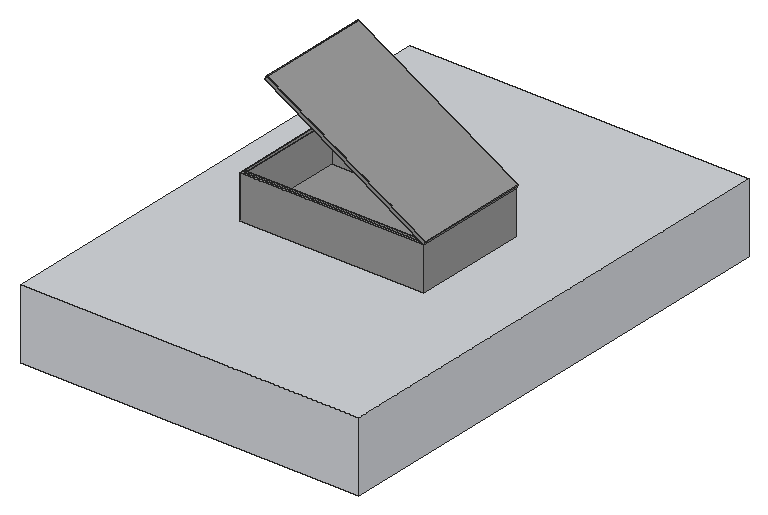
Revit family "Hager-Univers-IP44-D205-H500-Cl.II-Encl-BE-fr", category Equipement électrique, Revit 2020
Family settings
  Hôte = Face
  Configuration du panneau = Deux colonnes, circuits au sein
  Cote de connecteur circulaire = Utiliser le diamètre
  Type d'élément = Tableau de raccordement
  Couper avec des vides une fois chargée = Non
  Partagée = Non
  Point de calcul de pièce = Non
Parameters (values of type "saillie IP44 L800 H500 P205  - FP33QS")
  Width Control [instance] = if([EF000008 - largeur] > Min Width, [EF000008 - largeur], Min Width)  # 800 mm
  Commentaires du type = [HG000003 - Gamme]  # "Univers"
  Thickness Door [instance] = if([EF009171 - épaisseur de matériau de la porte/du couvercle] > 3 mm, 3 mm, [EF009171 - épaisseur de matériau de la porte/du couvercle])  # 1 mm
  Seal Frame Offset [instance] = 17 mm  # constant formula
  Plinth Visibility [instance] = [HG000027 - Hauteur du socle] > 0 mm  # no
  Model = ""
  Min Width [instance] = 100 mm  # constant formula
  Min Height [instance] = 100 mm  # constant formula
  Min Depth [instance] = (2 * [EF009170 - épaisseur de matériau du boîtier]) + 1 mm  # 3 mm
  Internal Frame Depth [instance] = (Door System Depth * 0.5)  # 9 mm
  Height Control [instance] = if([EF000040 - hauteur] > Min Height, [EF000040 - hauteur], Min Height)  # 500 mm
  HG000027 - Hauteur du socle = 0 mm
  HG000026 - Installation au sol = no
  HG000024 - Hauteur de la section basse = 800 mm
  HG000023 - Armoire double section = no
  HG000016 - Visibilité de la porte 3D [instance] = yes
  HG000015 - Visibilité de l'emprise de la porte [instance] = no
  HG000014 - Porte à droite [instance] = yes
  HG000013 - Porte à gauche [instance] = not([HG000014 - Porte à droite])  # no
  HG000012 - Angle de pivotement de la porte [instance] = 30.00°
  HG000010 - Portes asymétriques = no
  HG000009 - Porte à double battant = no
  HG000006 - Encastré = no
  HG000004 - Référence fabricant = "FP33QS"
  HG000003 - Gamme = "Univers"
  HG000002 - avec porte = yes
  Frame Offset Bottom [instance] = 10 mm  # constant formula
  Frame Offset [instance] = 15 mm  # constant formula
  EF015940 - couvercle avec décharge de pression = no
  EF011959 - degré de protection (NEMA) = ""
  EF009554 - nombre d'ouvertures pour plaques à bride = 6
  Fabricant = "Hager"  # constant formula
  EF009212 - finition du couvercle = "EV000116 - fermé"
  EF009171 - épaisseur de matériau de la porte/du couvercle = 1 mm
  EF009170 - épaisseur de matériau du boîtier = 1 mm
  EF008873 - courant nominal (In) = 250 A
  EF007800 - adapté à un parafoudre = no
  EF006306 - avec serrure = no
  EF006244 - couvercle/porte transparent(e) = no
  EF005474 - indice de protection (IP) = "EV006418 - IP44"
  EF004464 - type de porte = "EV002646 - unique"
  EF004427 - nombre de modules = 108
  EF004293 - indice de protection contre les chocs (IK) = "EV006815 - IK09"
  EF003532 - convient pour utilisation à l’extérieur = no
  EF002950 - largeur en nombre de modules = 36
  EF001613 - maintien de fonction = "EV000494 - sans"
  EF001596 - matériau du boîtier/corps = "EV000179 - acier"
  EF001131 - profondeur intérieure = 143 mm
  EF001088 - possibilité de montage en saillie = yes
  EF000437 - nombre d'entrées de conduit = 6
  EF000339 - type de capot = "EV001012 - couvercle"
  EF000266 - nombre de rangées = 3
  EF000218 - profondeur d'encastrement = 0 mm
  EF000118 - avec cadre/support de montage = no
  EF000116 - numéro RAL = "9010"
  EF000049 - profondeur = 205 mm
  EF000040 - hauteur = 500 mm
  EF000008 - largeur = 800 mm
  EF000007 - couleur = "EV000202 - blanc"
  EF000003 - mode de pose = "EV000384 - saillie"
  Door System Leaf Tolerance [instance] = 1.5 mm  # constant formula
  Door System Depth [instance] = 18 mm  # constant formula
  Door Height [instance] = Height Control - [HG000027 - Hauteur du socle]  # 500 mm
  Depth Control [instance] = if([EF000049 - profondeur] > Min Depth, [EF000049 - profondeur], Min Depth)  # 205 mm
  Default Elevation = 0 mm
  Connector Offset [instance] = Height Control / 2  # 250 mm
  Bottom Top Plate Trim [instance] = 1.5 mm  # constant formula
  Plinth height Ctrl [instance] = if([HG000027 - Hauteur du socle] > 0 mm, [HG000027 - Hauteur du socle], 12 mm)  # 12 mm
Types (5, lengths in mm): name | Width Control | HG000009 - Porte à double battant | HG000004 - Référence fabricant | EF009554 - nombre d'ouvertures pour plaques à bride | EF004464 - type de porte | EF004427 - nombre de modules | EF002950 - largeur en nombre de modules | EF000437 - nombre d'entrées de conduit | EF000008 - largeur
  saillie IP44 L1050 H500 P205  - FP34QS | 1050 | yes | "FP34QS" | 8 | "EV003602 - double" | 144 | 48 | 8 | 1050
  saillie IP44 L1300 H500 P205  - FP35QS | 1300 | yes | "FP35QS" | 10 | "EV003602 - double" | 180 | 60 | 10 | 1300
  saillie IP44 L300 H500 P205  - FP31QS | 300 | no | "FP31QS" | 2 | "EV002646 - unique" | 36 | 12 | 2 | 300
  saillie IP44 L550 H500 P205  - FP32QS | 550 | no | "FP32QS" | 4 | "EV002646 - unique" | 72 | 24 | 4 | 550
  saillie IP44 L800 H500 P205  - FP33QS | 800 | no | "FP33QS" | 6 | "EV002646 - unique" | 108 | 36 | 6 | 800
Reference planes
  plane 1 "Center (Front/Back)": y = 0
  plane 2: z = 0
  plane 3 "Center (Left/Right)": x = 0
  plane 4: z = 205
  plane 5: y = 1
  plane 6: y = 250
  plane 7: y = 0
  plane 8: y = 500
  plane 9: z = 0
  plane 10: x = -385
  plane 11: x = 385
  plane 12: x = 384
  plane 13: x = -384
  plane 14: y = 499
  plane 15: x = -383
  plane 16: x = -400
  plane 17: x = 383
  plane 18: x = 400
  plane 19: x = 399
  plane 20: x = -399
  plane 21: y = 11
  plane 22: y = 500
  plane 23: y = 484
  plane 24: z = 187
  plane 25: z = 1
  plane 26: z = 186
  plane 27: z = 204
Forms (mm)
  Extrusion 1, solid
    sketch origin (0, 0, 0) x (1, 0, 0) y (0, 1, 0)
      loop
        line (-702.964, 1305) -> (-702.964, -811.445) -> (766.763, -811.445) -> (766.763, 1305) -> (-702.964, 1305)
    from 0 to -304.8
  Extrusion 2, solid, material "Hager_Steel_RAL7035_Light_Grey", visible <- "Plinth Visibility", detail levels medium+fine
    sketch origin (0, 0, 0) x (1, 0, 0) y (0, 1, 0)
      loop
        line (-400, 0) -> (400, 0) -> (400, 12) -> (-400, 12) -> (-400, 0)
    from 0 to 187
  Extrusion 3, solid, material "Hager_Steel_RAL7035_Light_Grey", detail levels medium+fine
    sketch origin (0, 0, 0) x (1, 0, 0) y (0, 1, 0)
      loop
        line (-400, 0) -> (400, 0) -> (400, 500) -> (-400, 500) -> (-400, 0)
    from 0 to 187
  Extrusion 4, void
    sketch origin (0, 0, 0) x (1, 0, 0) y (0, 1, 0)
      loop
        line (-399, 1) -> (399, 1) -> (399, 499) -> (-399, 499) -> (-399, 1)
    from 1 to 186
  Extrusion 5, void
    sketch origin (-381.607, -4572, 187) x (0, -1, 0) y (-1, 0, 0)
      loop
        line (-4583, 2.393) -> (-5056, 2.393) -> (-5056, -765.607) -> (-4583, -765.607) -> (-4583, 2.393)
    from 0 to 1 <- "EF009170 - épaisseur de matériau du boîtier"
  Extrusion 6, solid, material "Hager_Steel_RAL7035_Light_Grey", detail levels fine
    sketch origin (0, 0, 187) x (1, 0, 0) y (0, 1, 0)
      loop
        line (-384, 484) -> (-384, 11) -> (384, 11) -> (384, 484) -> (-384, 484)
      loop
        line (-385, 10) -> (385, 10) -> (385, 485) -> (-385, 485) -> (-385, 10)
    from 0 to 9 <- "Internal Frame Depth"
  Extrusion 7, solid, material "Hager_Steel_RAL7035_Light_Grey", detail levels coarse
    sketch origin (0, 0, 0) x (1, 0, 0) y (0, 1, 0)
      loop
        line (-400, 0) -> (400, 0) -> (400, 500) -> (-400, 500) -> (-400, 0)
    from 0 to 205
  Sweep 8, void
    path in 3D
      loop
        line (-400, 12, 0) -> (400, 12, 0) -> (400, 12, 187) -> (-400, 12, 187) -> (-400, 12, 0)
    profile origin (-400, 12, 93.5) x (-1, 0, 0) y (0, -1, 0)
      loop
        line (0, 0) -> (0, 1.5) -> (-1.5, 1.5)
        arc (-1.5, 1.5) -> (-1.061, 0.439) -> (0, 0) r 1.5
Cuts and joins
  Extrusion 4, Extrusion 5 cuts Extrusion 3
  Sweep 8 cuts Extrusion 2
Lines and regions (mm)
  Masking region 1
    outline origin (0, 0, 0) x (1, 0, 0) y (0, 0, 1)
      loop
        line (-400, 205) -> (-400, 0) -> (400, 0) -> (400, 205) -> (-400, 205)
  Masking region 2, detail levels medium+fine
    outline origin (0, 140, 0) x (0, 1, 0) y (0, 0, 1)
      loop
        line (-140, 0) -> (360, 0) -> (360, 187) -> (-140, 187) -> (-140, 0)
  Masking region 3, not visible, detail levels medium+fine
    outline origin (0, 297.922, 0) x (0, 1, 0) y (0, 0, 1)
      loop
        line (-36.422, 0) -> (3.578, 0) -> (3.578, 194)
        arc (3.578, 194) -> (0.649, 201.071) -> (-6.422, 204) r 10
        line (-6.422, 204) -> (-36.422, 204) -> (-36.422, 0)
  Masking region 4, detail levels coarse
    outline origin (0, 0, 180) x (0, 1, 0) y (0, 0, 1)
      loop
        line (0, -180) -> (500, -180) -> (500, 25) -> (0, 25) -> (0, -180)
  Masking region 5, visible <- "Plinth Visibility", detail levels medium+fine
    outline origin (0, 52.24, 12.345) x (0, 0, -1) y (0, 1, 0)
      loop
        line (10.845, -40.24) -> (-173.155, -40.24)
        arc (-173.155, -40.24) -> (-173.594, -41.301) -> (-174.655, -41.74) r 1.5
        line (-174.655, -41.74) -> (-174.655, -52.24) -> (12.345, -52.24) -> (12.345, -41.74)
        arc (12.345, -41.74) -> (11.285, -41.301) -> (10.845, -40.24) r 1.5
  Masking region 6, detail levels medium+fine
    outline origin (-381.607, -4572, 187) x (-1, 0, 0) y (0, -1, 0)
      loop
        line (18.393, -5072) -> (18.393, -4572) -> (-781.607, -4572) -> (-781.607, -5072) -> (18.393, -5072)
  Masking region 7, visible <- "Plinth Visibility", detail levels medium+fine
    outline origin (-381.607, -4727, 187) x (-1, 0, 0) y (0, -1, 0)
      loop
        arc (16.893, -4739) -> (17.332, -4737.939) -> (18.393, -4737.5) r 1.5
        line (18.393, -4737.5) -> (18.393, -4727) -> (-781.607, -4727) -> (-781.607, -4737.5)
        arc (-781.607, -4737.5) -> (-780.546, -4737.939) -> (-780.107, -4739) r 1.5
        line (-780.107, -4739) -> (16.893, -4739)
  Masking region 8, detail levels coarse
    outline origin (-442.548, -4669.526, 187) x (-1, 0, 0) y (0, -1, 0)
      loop
        line (-42.548, -5169.526) -> (-42.548, -4669.526) -> (-842.548, -4669.526) -> (-842.548, -5169.526) -> (-42.548, -5169.526)
  sketch lines
    curve 1: line (-400, 12, 187) -> (-400, 12, 0)
    curve 2: line (400, 12, 187) -> (-400, 12, 187)
    curve 3: line (400, 12, 187) -> (400, 12, 0)
    curve 4: line (-400, 12, 0) -> (400, 12, 0)
Dimensions and locks
  "Depth Control": plane 4 to Extrusion 1
  "HG000027 - Hauteur du socle": plane 1 "Center (Front/Back)" to plane 7
  "EF009170 - épaisseur de matériau du boîtier": plane 5 to plane 7
  locked: connector elem to plane 3 "Center (Left/Right)"
  equal spacing: plane 8, plane 6, plane 7
  locked: connector elem to plane 6
  "EF009170 - épaisseur de matériau du boîtier": plane 8 to plane 14
  "EF009170 - épaisseur de matériau du boîtier": plane 10 to plane 13
  "EF009170 - épaisseur de matériau du boîtier": plane 12 to plane 11
  "Frame Offset": plane 20 to plane 13
  "Frame Offset": plane 12 to plane 19
  "EF009170 - épaisseur de matériau du boîtier": plane 16 to plane 20
  "EF009170 - épaisseur de matériau du boîtier": plane 19 to plane 18
  "Seal Frame Offset": plane 16 to plane 15
  "Seal Frame Offset": plane 17 to plane 18
  "Frame Offset Bottom": plane 21 to plane 5
  "Frame Offset": plane 14 to plane 23
  equal spacing: plane 16, plane 3 "Center (Left/Right)", plane 18
  "Width Control": plane 16 to plane 18
  "EF009170 - épaisseur de matériau du boîtier": plane 4 to plane 27
  "EF009170 - épaisseur de matériau du boîtier": plane 24 to plane 26
  "EF009170 - épaisseur de matériau du boîtier": plane 25 to level
  "Door System Depth": plane 4 to plane 24
  "Height Control": plane 1 "Center (Front/Back)" to Extrusion 7 sketch curve
  "Height Control": Masking region 4 sketch curve to plane 1 "Center (Front/Back)"
  "Height Control": plane 1 "Center (Front/Back)" to plane 22
  "Bottom Top Plate Trim": profile plane to Sweep 8 sketch curve
  "Bottom Top Plate Trim": Sweep 8 sketch curve to profile plane
  "Plinth height Ctrl": plane 1 "Center (Front/Back)" to Extrusion 2 sketch curve
  "Plinth height Ctrl": Masking region 5 sketch curve to plane 1 "Center (Front/Back)"
  "Plinth height Ctrl": plane 1 "Center (Front/Back)" to Masking region 7 sketch curve
  "Thickness Door": Extrusion 6 sketch curve to Extrusion 6 sketch curve  (x3)
  "Thickness Door": cut or joined group of Extrusion 3, Extrusion 4, Extrusion 5 to Extrusion 6 sketch curve
  radius of Masking region 3 sketch curve = 10 mm
  "Bottom Top Plate Trim": radius of Masking region 5 sketch curve  (x2)
  "Bottom Top Plate Trim": radius of Sweep 8 sketch curve
  "Bottom Top Plate Trim": radius of Masking region 7 sketch curve  (x2)
  aligned and locked: plane 2 to Extrusion 1
  aligned and locked: level to Extrusion 1
  aligned and locked: level to Masking region 1 sketch curve
  aligned and locked: Masking region 1 sketch curve to plane 18
  aligned and locked: Masking region 1 sketch curve to plane 16
  aligned and locked: plane 7 to Masking region 2 sketch curve
  aligned and locked: level to Masking region 3 sketch curve
  aligned and locked: Masking region 3 sketch curve to plane 27
  aligned and locked: level to Masking region 2 sketch curve
  aligned and locked: plane 1 "Center (Front/Back)" to Extrusion 2 sketch curve
  aligned and locked: Extrusion 3 sketch curve to plane 7
  aligned and locked: plane 16 to Extrusion 3 sketch curve
  aligned and locked: plane 18 to Extrusion 3 sketch curve
  aligned and locked: plane 20 to Extrusion 4 sketch curve
  aligned and locked: plane 19 to Extrusion 4 sketch curve
  aligned and locked: Extrusion 4 sketch curve to plane 5
  aligned and locked: Extrusion 4 to plane 25
  aligned and locked: plane 26 to Extrusion 4
  aligned and locked: plane 24 to Extrusion 3
  aligned and locked: Extrusion 5 sketch curve to plane 21
  aligned and locked: Extrusion 5 sketch curve to plane 13
  aligned and locked: Extrusion 5 sketch curve to plane 12
  aligned and locked: plane 18 to Extrusion 7 sketch curve
  aligned and locked: plane 1 "Center (Front/Back)" to Extrusion 7 sketch curve
  aligned and locked: plane 16 to Extrusion 7 sketch curve
  aligned and locked: plane 4 to Extrusion 7
  aligned and locked: Extrusion 7 to level
  aligned and locked: level to Masking region 4 sketch curve
  aligned and locked: Masking region 4 sketch curve to plane 1 "Center (Front/Back)"
  aligned and locked: Masking region 4 sketch curve to plane 4
  aligned and locked: nested 1 to level
  aligned and locked: nested 1 to plane 16
  aligned and locked: plane 8 to Extrusion 3 sketch curve
  aligned and locked: plane 23 to Extrusion 5 sketch curve
  aligned and locked: plane 14 to Extrusion 4 sketch curve
  aligned and locked: Masking region 2 sketch curve to plane 8
  aligned and locked: level to Masking region 5 sketch curve
  aligned and locked: plane 16 to Extrusion 2 sketch curve
  aligned and locked: plane 18 to Extrusion 2 sketch curve
  aligned and locked: Masking region 5 sketch curve to plane 24
  aligned and locked: Masking region 2 sketch curve to plane 24
  aligned and locked: plane 24 to Extrusion 2
  aligned and locked: profile plane to Sweep 8 sketch curve  (x2)
  aligned and locked: Masking region 6 sketch curve to plane 18
  aligned and locked: Masking region 6 sketch curve to plane 22
  aligned and locked: Masking region 6 sketch curve to plane 16
  aligned and locked: plane 8 to plane 22
  aligned and locked: Masking region 6 sketch curve to plane 7
  aligned and locked: Masking region 7 sketch curve to plane 16
  aligned and locked: Masking region 7 sketch curve to plane 1 "Center (Front/Back)"
  aligned and locked: Masking region 7 sketch curve to plane 18
  aligned and locked: Masking region 8 sketch curve to plane 1 "Center (Front/Back)"
  aligned and locked: Masking region 8 sketch curve to plane 18
  aligned and locked: Masking region 8 sketch curve to plane 22
  aligned and locked: Masking region 8 sketch curve to plane 16
  aligned and locked: nested 2 to plane 7
  aligned and locked: plane 3 "Center (Left/Right)" to nested 2
  aligned and locked: nested 2 to plane 24
  aligned and locked: Extrusion 6 sketch curve to cut or joined group of Extrusion 3, Extrusion 4, Extrusion 5  (x4)
Automatic sketch dimensions
  Extrusion 1 sketch curve to Extrusion 1 sketch curve = 1469.727 mm
  Extrusion 1 sketch curve to Extrusion 1 sketch curve = 2116.445 mm
  Masking region 1 sketch curve to plane 4 = 0 mm
  plane 6 to Masking region 3 sketch curve = 11.5 mm
  Masking region 3 sketch curve to Masking region 3 sketch curve = 30 mm
  Masking region 5 sketch curve to plane 1 "Center (Front/Back)" = 0 mm
Nested families
  nested 1: "Hager_Enclosure_Symbol" at (-400, 0, 0) x (1, 0, 0) z (0, -1, 0), Height <- "Depth Control", Width <- "Width Control", type "Hager_Enclosure_Symbol"
    with Width_Ctrl 800 mm, Width 800 mm, Height_Ctrl 205 mm, Height 205 mm, A_Width_Int 13.453 mm, A_Width 161.438 mm, A_Height_Ctrl 179.375 mm, A_Height 179.375 mm
  nested 2: "EC000058_Univers_Door" at (0, 0, 187) x (1, 0, 0) z (0, 1, 0), Leaf_Tolerance <- "Door System Leaf Tolerance", Angle <- "HG000012 - Angle de pivotement de la porte", Door_Depth <- "Door System Depth", Door_Left <- "HG000013 - Porte à gauche", Transparent <- "EF006244 - couvercle/porte transparent(e)", Assymetrical <- "HG000010 - Portes asymétriques", Width <- "Width Control", Clearance <- "HG000015 - Visibilité de l'emprise de la porte", Double <- "HG000009 - Porte à double battant", 3d_Door <- "HG000016 - Visibilité de la porte 3D", Lock_Visibility <- "EF006306 - avec serrure", Width_Ctrl <- "Width Control", Door_Right <- "HG000014 - Porte à droite", Door <- "HG000002 - avec porte", Height <- "Door Height", Thickness <- "Thickness Door", type "EC000058_Univers_Door", detail levels medium+fine
    with min_wh 3 mm, Width_Ctrl 800 mm, Width 800 mm, Transparent no, Thickness 1 mm, Seal_Material Hager_Rubber, Lock_Visibility no, Lock_Material Hager_Plastic_RAL9005_Jet_Black, Leaf_Width 800 mm, Leaf_Tolerance_External_Sides 0 mm, Leaf_Tolerance 1.5 mm, Leaf_Offset 0 mm, Leaf_Height 497 mm, Leaf_2_Width 800 mm, Leaf_2_Offset 400 mm, Leaf_1_Width 800 mm, Leaf_1_Offset 400 mm, Height_Ctrl 500 mm, Height 500 mm, Glass_Material Hager_Glass, Double_Clearance_Ctrl no, Double no, Door_Right_Ctrl yes, Door_Right yes, Door_Material Hager_Steel_RAL7035_Light_Grey, Door_Left_Ctrl no, Door_Left no, Door_Depth 18 mm, Door yes, Clearance_Material Hager_Clearance, Clearance_Depth 800 mm, Clearance_Ctrl no, Clearance no, Assymetrical no, Angle 30.00°, 3d_Door yes
Connectors
  electrical at (0, 250, 0)
    settings: on plane 9, index 1, voltage 0 V, apparent load 0 VA, apparent load phase1 0 VA, apparent load phase2 0 VA, apparent load phase3 0 VA, power factor 1, load classification "Other", number of poles 1, system type 30, power factor state 1, is connector primary yes, connector utility no, sub classification motor no, connector description ""
Definition of nested family "EC000058_Univers_Door"
  Parameters (values of type "EC000058_Univers_Door")
    min_wh [instance] = (2 * Thickness) + 1 mm  # 11 mm
    Width_Ctrl [instance] = 400 mm
    Width [instance] = 500 mm
    Transparent [instance] = yes
    Thickness [instance] = 5 mm
    Seal_Material [instance] = none
    Lock_Visibility [instance] = yes
    Lock_Material [instance] = none
    Leaf_Width [instance] = if((Width_Ctrl - 2 * Leaf_Tolerance_External_Sides) > 0 mm, (Width_Ctrl - 2 * Leaf_Tolerance_External_Sides), min_wh)  # 400 mm
    Leaf_Tolerance_External_Sides [instance] = 0 mm  # constant formula
    Leaf_Tolerance [instance] = 1.5 mm
    Leaf_Offset [instance] = 0 mm  # constant formula
    Leaf_Height [instance] = if((Height_Ctrl - 2 * Leaf_Tolerance) > 0 mm, (Height_Ctrl - 2 * Leaf_Tolerance), min_wh)  # 497 mm
    Leaf_2_Width [instance] = if(and(and(Double, Assymetrical), Door_Left), (Leaf_Width / 3) - (Leaf_Tolerance / 2), if(and(and(Double, Assymetrical), Door_Right), (Leaf_Width / 3) * 2 - (Leaf_Tolerance / 2), if(and(Double, not(Assymetrical)), (Leaf_Width / 2) - Leaf_Tolerance, Leaf_Width)))  # 400 mm
    Leaf_2_Offset [instance] = if(and(Double, Assymetrical), Leaf_2_Width / 2, if(and(Double, not(Assymetrical)), Leaf_Width / 4, Leaf_Width / 2))  # 200 mm
    Leaf_1_Width [instance] = if(and(and(Double, Assymetrical), Door_Right), (Leaf_Width / 3) - (Leaf_Tolerance / 2), if(and(and(Double, Assymetrical), Door_Left), (Width / 3) * 2 - (Leaf_Tolerance / 2), if(and(Double, not(Assymetrical)), (Leaf_Width / 2) - Leaf_Tolerance, Leaf_Width)))  # 400 mm
    Leaf_1_Offset [instance] = if(and(Double, Assymetrical), Leaf_1_Width / 2, if(and(Double, not(Assymetrical)), Leaf_Width / 4, Leaf_Width / 2))  # 200 mm
    Height_Ctrl [instance] = if(Height > min_wh, Height, min_wh)  # 500 mm
    Height [instance] = 500 mm
    Glass_Material [instance] = none
    Double_Clearance_Ctrl [instance] = and(Double, Clearance)  # no
    Double [instance] = no
    Door_Right_Ctrl [instance] = and(or(Door_Right, Double), Door)  # yes
    Door_Right [instance] = yes
    Door_Material [instance] = none
    Door_Left_Ctrl [instance] = and(or(Door_Left, Double), Door)  # no
    Door_Left [instance] = no
    Door_Depth [instance] = 30 mm
    Door [instance] = yes
    Default Elevation = 1219.2 mm
    Clearance_Material [instance] = none
    Clearance_Depth [instance] = if(Leaf_1_Width > Leaf_2_Width, Leaf_1_Width, Leaf_2_Width)  # 400 mm
    Clearance_Ctrl [instance] = and(not(Double), Clearance)  # yes
    Clearance [instance] = yes
    Assymetrical [instance] = yes
    Angle [instance] = 30.00°
    3d_Door [instance] = yes
  Reference planes
    plane 1 "Center (Front/Back)": y = 0
    plane 2 "Bottom": z = 0
    plane 3 "Center (Left/Right)": x = 0
    plane 4: z = 500
    plane 5: x = -200
    plane 6: x = 200
    plane 7: z = 500
    plane 8: x = -200
    plane 9: z = 0
    plane 10: x = 200
    plane 11: y = 0
    plane 12: z = 1.5
    plane 13: x = -600
    plane 14: y = -400
    plane 15: x = 600
    plane 16: x = 0
    plane 17: x = 0
    plane 18: x = -200
    plane 19: x = 200
    plane 20: z = 498.5
  Forms (mm)
    Extrusion 1, solid, material <- "Clearance_Material", visible <- "Double_Clearance_Ctrl"
      sketch origin (1200, 0, 0) x (1, 0, 0) y (0, 0, -1)
        loop
          line (-1800, -498.5) -> (-600, -498.5) -> (-600, 0) -> (-1800, 0) -> (-1800, -498.5)
      from 0 to -400
  Dimensions and locks
    equal spacing: plane 5, plane 3 "Center (Left/Right)", plane 6
    "Width_Ctrl": plane 5 to plane 6
    "Leaf_Offset": plane 5 to plane 8
    "Leaf_Offset": plane 6 to plane 10
    "Leaf_Offset": plane 9 to level
    "Leaf_Offset": plane 4 to plane 7
    "Height_Ctrl": plane 4 to level
    "Leaf_Tolerance": plane 12 to plane 9
    locked: plane 11 to plane 1 "Center (Front/Back)"
    "Leaf_1_Offset": plane 18 to plane 16
    "Leaf_2_Offset": plane 17 to plane 19
    "Leaf_1_Width": plane 13 to plane 8
    "Leaf_2_Width": plane 10 to plane 15
    "Clearance_Depth": plane 14 to plane 1 "Center (Front/Back)"
    "Leaf_Tolerance_External_Sides": plane 8 to plane 18
    "Leaf_Tolerance_External_Sides": plane 19 to plane 10
    "Leaf_Tolerance": plane 7 to plane 20
    aligned and locked: level to plane 2 "Bottom"
    aligned and locked: nested 1 to plane 16
    aligned and locked: nested 2 to plane 17
    aligned and locked: Extrusion 1 to plane 13
    aligned and locked: plane 15 to Extrusion 1
    aligned and locked: Extrusion 1 to plane 14
    aligned and locked: plane 12 to nested 1
    aligned and locked: nested 2 to plane 12
    aligned and locked: Extrusion 1 to plane 11
    aligned and locked: plane 20 to Extrusion 1
    aligned and locked: nested 2 to plane 11
    aligned and locked: nested 1 to plane 11
  Automatic sketch dimensions
    Extrusion 1 sketch curve to level = 0 mm
    plane 5 to Extrusion 1 sketch curve = 400 mm
    plane 6 to Extrusion 1 sketch curve = 400 mm
    Extrusion 1 sketch curve to plane 4 = 1.5 mm
  Nested families
    nested 1: "EC000058_Univers_Door_Leaf" at (0, 0, 1.5), Width <- "Leaf_1_Width", visible <- "Door_Left_Ctrl", Leaf_Height <- "Leaf_Height", Angle <- "Angle", 3d_Door <- "3d_Door", Transparent <- "Transparent", Clearance Material <- "Clearance_Material", Clearance <- "Clearance_Ctrl", Door_Material <- "Door_Material", Glass_Material <- "Glass_Material", Door_Depth <- "Door_Depth", Lock_Material <- "Lock_Material", Seal_Material <- "Seal_Material", Lock_Visibility <- "Lock_Visibility", Thickness <- "Thickness", type "EC000058_Univers_Door_Leaf"
      with Width 400 mm, Transparent_Glass_Offset 30 mm, Transparent_Ctrl yes, Transparent yes, Thickness 5 mm, Standard no, Seal_Material none, Seal_D2 8 mm, Seal_D1 1 mm, Offset_Internal_Frame 10 mm, Lock_Width 20 mm, Lock_Visibility_3d yes, Lock_Visibility yes, Lock_Thickness_3 3 mm, Lock_Thickness_2 1 mm, Lock_Thickness_1 3 mm, Lock_Radius_Offset_2 16 mm, Lock_Radius_Offset_1 15 mm, Lock_Radius_2 5 mm, Lock_Radius 6 mm, Lock_Offset 5 mm, Lock_Material none, Lock_Height 80 mm, Lock_Cover_Top_Offset_2d 17 mm, Lock_Cover_Height -65 mm, Leaf_Height 497 mm, Internal_Seal_Thickness 8 mm, Internal_Seal_Depth_2 4.5 mm, Internal_Frame_Depth 25 mm, Glass_Thickness -1 mm, Glass_Offset -2 mm, Glass_Material none, Door_Material none, Door_Depth 30 mm, Clearance Material none, Clearance yes, Angle_Ctrl 30.00°, Angle 30.00°, 3d_Door yes
    nested 2: "EC000058_Univers_Door_Leaf" at (0, 0, 1.5) x (-1, 0, 0) z (0, 0, 1), Width <- "Leaf_2_Width", visible <- "Door_Right_Ctrl", Leaf_Height <- "Leaf_Height", Angle <- "Angle", 3d_Door <- "3d_Door", Transparent <- "Transparent", Clearance Material <- "Clearance_Material", Clearance <- "Clearance_Ctrl", Door_Material <- "Door_Material", Glass_Material <- "Glass_Material", Door_Depth <- "Door_Depth", Lock_Material <- "Lock_Material", Seal_Material <- "Seal_Material", Lock_Visibility <- "Lock_Visibility", Thickness <- "Thickness", type "EC000058_Univers_Door_Leaf"
      with Width 400 mm, Transparent_Glass_Offset 30 mm, Transparent_Ctrl yes, Transparent yes, Thickness 5 mm, Standard no, Seal_Material none, Seal_D2 8 mm, Seal_D1 1 mm, Offset_Internal_Frame 10 mm, Lock_Width 20 mm, Lock_Visibility_3d yes, Lock_Visibility yes, Lock_Thickness_3 3 mm, Lock_Thickness_2 1 mm, Lock_Thickness_1 3 mm, Lock_Radius_Offset_2 16 mm, Lock_Radius_Offset_1 15 mm, Lock_Radius_2 5 mm, Lock_Radius 6 mm, Lock_Offset 5 mm, Lock_Material none, Lock_Height 80 mm, Lock_Cover_Top_Offset_2d 17 mm, Lock_Cover_Height -65 mm, Leaf_Height 497 mm, Internal_Seal_Thickness 8 mm, Internal_Seal_Depth_2 4.5 mm, Internal_Frame_Depth 25 mm, Glass_Thickness -1 mm, Glass_Offset -2 mm, Glass_Material none, Door_Material none, Door_Depth 30 mm, Clearance Material none, Clearance yes, Angle_Ctrl 30.00°, Angle 30.00°, 3d_Door yes
  Definition of nested family "EC000058_Univers_Door_Leaf"
    Parameters (values of type "EC000058_Univers_Door_Leaf")
      Width [instance] = 2000 mm
      Transparent_Glass_Offset [instance] = 30 mm
      Transparent_Ctrl [instance] = and(Transparent, [3d_Door])  # yes
      Transparent [instance] = yes
      Thickness [instance] = 5 mm
      Standard [instance] = and(not(Transparent), [3d_Door])  # no
      Seal_Material [instance] = none
      Seal_D2 [instance] = 8 mm  # constant formula
      Seal_D1 [instance] = 1 mm  # constant formula
      Offset_Internal_Frame [instance] = 10 mm  # constant formula
      Lock_Width [instance] = 20 mm  # constant formula
      Lock_Visibility_3d [instance] = and(Lock_Visibility, [3d_Door])  # yes
      Lock_Visibility [instance] = yes
      Lock_Thickness_3 [instance] = 3 mm  # constant formula
      Lock_Thickness_2 [instance] = 1 mm  # constant formula
      Lock_Thickness_1 [instance] = 3 mm  # constant formula
      Lock_Radius_Offset_2 [instance] = Lock_Radius_Offset_1 + 1 mm  # 16 mm
      Lock_Radius_Offset_1 [instance] = 15 mm  # constant formula
      Lock_Radius_2 [instance] = Lock_Radius - 1 mm  # 5 mm
      Lock_Radius [instance] = 6 mm  # constant formula
      Lock_Offset [instance] = 5 mm  # constant formula
      Lock_Material [instance] = none
      Lock_Height [instance] = 80 mm  # constant formula
      Lock_Cover_Top_Offset_2d [instance] = Lock_Radius_Offset_2 + 1 mm  # 17 mm
      Lock_Cover_Height [instance] = -(Lock_Height - Lock_Radius_Offset_1)  # -65 mm
      Leaf_Height [instance] = 2720.336 mm
      Internal_Seal_Thickness [instance] = 8 mm  # constant formula
      Internal_Seal_Depth_2 [instance] = 4.5 mm  # constant formula
      Internal_Frame_Depth [instance] = if(Door_Depth - Thickness > 5 mm, Door_Depth - Thickness, 5 mm)  # 25 mm
      Glass_Thickness [instance] = if(Thickness > 15 mm, Glass_Offset + 10 mm, -1 mm)  # -1 mm
      Glass_Offset [instance] = if(Thickness > 15 mm, -(Thickness + 10 mm) / 2, -2 mm)  # -2 mm
      Glass_Material [instance] = none
      Door_Material [instance] = none
      Door_Depth [instance] = 30 mm
      Default Elevation = 0 mm
      Clearance Material [instance] = none
      Clearance [instance] = yes
      Angle_Ctrl [instance] = if(Angle > 180.00°, 180.00°, Angle)  # 90.00°
      Angle [instance] = 90.00°
      3d_Door [instance] = yes
    Reference planes
      plane 1 "Center (Front/Back)": y = 0
      plane 2: z = 0
      plane 3 "Center (Left/Right)": x = 0
      plane 4: y = 2000
      plane 5: x = -1000
      plane 6: x = 1000
      plane 7: x = -3000
      plane 8: z = 2720.336
      plane 9: z = 30
      plane 10: z = 2690.336
      plane 11: x = 970
      plane 12: x = -970
      plane 13: y = -3
      plane 14: z = 107.833
      plane 15: y = -5
      plane 16: y = -223.314
      plane 17: x = -1000
      plane 18: z = 1360.168
      plane 19: y = 30
    Forms (mm)
      Extrusion 1, solid, material <- "Clearance Material", visible <- "Clearance"
        sketch origin (0, 0, 0) x (1, 0, 0) y (0, 0, 1)
          loop
            line (-3000, 2720.336) -> (-3000, 0) -> (1000, 0) -> (1000, 2720.336) -> (-3000, 2720.336)
        from 0 to -2000
      Extrusion 2, solid, material <- "Door_Material", visible <- "Standard", detail levels medium+fine
        sketch origin (-1000, 0, 0) x (0, 1, 0) y (-1, 0, 0)
          loop
            line (0, 30) -> (0, 25) -> (2000, 25) -> (2000, 30) -> (0, 30)
        from 0 to 2720.336 <- "Leaf_Height"
      Extrusion 3, solid, material <- "Door_Material", visible <- "Transparent_Ctrl", detail levels medium+fine
        sketch origin (-1000, 0, 0) x (0, 1, 0) y (-1, 0, 0)
          loop
            line (0, 25) -> (2000, 25) -> (2000, 30) -> (0, 30) -> (0, 25)
        from 0 to 2720.336 <- "Leaf_Height"
      Extrusion 4, void
        sketch origin (-1025, 2000, 0) x (0, 1, 0) y (0, 0, -1)
          loop
            line (-30, -2690.336) -> (-30, -30) -> (-1970, -30) -> (-1970, -2690.336) -> (-30, -2690.336)
        from 0 to 5 <- "Thickness"
      Sweep 5, solid, material <- "Seal_Material", visible <- "Transparent_Ctrl", detail levels fine
        path in 3D
          loop
            line (-1025, 30, 30) -> (-1025, 30, 2690.336) -> (-1025, 1970, 2690.336) -> (-1025, 1970, 30) -> (-1025, 30, 30)
        profile origin (-1025, 1000, 30) x (1, 0, 0) y (0, 0, 1)
          loop
            line (0, 0) -> (0, -8) -> (1, -8) -> (1, 0) -> (0, 0)
      Extrusion 6, solid, material <- "Glass_Material", visible <- "Transparent_Ctrl", detail levels medium+fine
        sketch origin (-1030, 0, 0) x (0, 1, 0) y (0, 0, -1)
          loop
            line (1970, -2690.336) -> (1970, -30) -> (30, -30) -> (30, -2690.336) -> (1970, -2690.336)
        from -2 <- "Glass_Offset" to -1 <- "Glass_Thickness"
      Extrusion 7, solid, material <- "Door_Material", visible <- "3d_Door", detail levels medium+fine
        sketch origin (-1025, 2000, 0) x (0, -1, 0) y (0, 0, -1)
          loop
            line (0, -2720.336) -> (2000, -2720.336) -> (2000, 0) -> (0, 0) -> (0, -2720.336)
          loop
            line (1995, -5) -> (5, -5) -> (5, -2715.336) -> (1995, -2715.336) -> (1995, -5)
        from 0 to 25 <- "Internal_Frame_Depth"
      Sweep 8, solid, material <- "Seal_Material", visible <- "Transparent_Ctrl", detail levels fine
        path in 3D
          loop
            line (-1025, 0, 0) -> (-1025, 2000, 0) -> (-1025, 2000, 2720.336) -> (-1025, 0, 2720.336) -> (-1025, 0, 0)
        profile origin (-1025, 0, 1360.168) x (1, 0, 0) y (0, 1, 0)
          loop
            line (0, 10) -> (2.975, 10)
            arc (2.975, 10) -> (4.053, 10.447) -> (4.5, 11.525) r 1.525
            line (4.5, 11.525) -> (4.5, 16.527)
            arc (4.5, 16.527) -> (4.069, 17.569) -> (3.027, 18) r 1.473
            line (3.027, 18) -> (0, 18) -> (0, 10)
      Extrusion 9, solid, material <- "Lock_Material", visible <- "Lock_Visibility_3d", detail levels fine
        sketch origin (-1030, 0, 0) x (0, 1, 0) y (0, 0, -1)
          loop
            arc (1993.5, -1400.168) -> (1994.561, -1399.729) -> (1995, -1398.668) r 1.5
            line (1995, -1398.668) -> (1995, -1320.168) -> (1975, -1320.168) -> (1975, -1398.668)
            arc (1975, -1398.668) -> (1975.439, -1399.729) -> (1976.5, -1400.168) r 1.5
            line (1976.5, -1400.168) -> (1993.5, -1400.168)
        from 3 <- "Lock_Thickness_1" to 0
      Blend 10, solid, material <- "Lock_Material", visible <- "Lock_Visibility_3d", detail levels fine
        base sketch origin (-1033, 0, 0) x (0, 1, 0) y (0, 0, -1)
          loop
            line (1975, -1320.168) -> (1975, -1398.668)
            arc (1975, -1398.668) -> (1975.439, -1399.729) -> (1976.5, -1400.168) r 1.5
            line (1976.5, -1400.168) -> (1993.5, -1400.168)
            arc (1993.5, -1400.168) -> (1994.561, -1399.729) -> (1995, -1398.668) r 1.5
            line (1995, -1398.668) -> (1995, -1320.168) -> (1975, -1320.168)
        top sketch origin (-1033, 0, 0) x (0, 1, 0) y (0, 0, -1)
          loop
            line (1976, -1320.168) -> (1976, -1398.668)
            arc (1976, -1398.668) -> (1976.146, -1399.022) -> (1976.5, -1399.168) r 0.5
            line (1976.5, -1399.168) -> (1993.5, -1399.168)
            arc (1993.5, -1399.168) -> (1993.854, -1399.022) -> (1994, -1398.668) r 0.5
            line (1994, -1398.668) -> (1994, -1320.168) -> (1976, -1320.168)
        from 0 to 1 <- "Lock_Thickness_2"
      Blend 11, solid, material <- "Lock_Material", visible <- "Lock_Visibility_3d", detail levels fine
        base sketch origin (-1034, 0, 0) x (0, 1, 0) y (0, 0, -1)
          loop
            line (1978, -1320.168) -> (1978, -1384.168)
            arc (1978, -1384.168) -> (1985, -1391.168) -> (1992, -1384.168) r 7
            line (1992, -1384.168) -> (1992, -1320.168) -> (1978, -1320.168)
        top sketch origin (-1034, 0, 0) x (0, 1, 0) y (0, 0, -1)
          loop
            line (1991, -1320.168) -> (1979, -1320.168) -> (1979, -1383.168)
            arc (1979, -1383.168) -> (1985, -1389.168) -> (1991, -1383.168) r 6
            line (1991, -1383.168) -> (1991, -1320.168)
        from 0 to 3 <- "Lock_Thickness_3"
      Extrusion 12, solid, material <- "Lock_Material", visible <- "Lock_Visibility_3d", detail levels fine
        sketch origin (-1030, 1975, 1320.168) x (1, 0, 0) y (0, -1, 0)
          loop
            line (-7, -19) -> (-7, -1) -> (0, -1) -> (0, 0) -> (-8, 0) -> (-8, -20) -> (0, -20) -> (0, -19) -> (-7, -19)
        from 0 to -65 <- "Lock_Cover_Height"
      Extrusion 13, void
        sketch origin (-1038, 1995, 1320.168) x (-1, 0, 0) y (0, 0, -1)
          loop
            line (-5, -65) -> (0, -65) -> (-5, -60) -> (-5, -65)
        from 0 to 20 <- "Lock_Width"
      Extrusion 14, void
        sketch origin (-1038, 1975, 1320.168) x (0, -1, 0) y (0, 0, -1)
          loop
            circle (-10, -15.995) r 6
          loop
            circle (-10, -15.995) r 5
        from 0 to 2
      Extrusion 15, solid, material <- "Lock_Material", visible <- "Lock_Visibility_3d", detail levels medium
        sketch origin (-1030, 0, 0) x (0, 1, 0) y (0, 0, -1)
          loop
            arc (1993.5, -1400.168) -> (1994.561, -1399.729) -> (1995, -1398.668) r 1.5
            line (1995, -1398.668) -> (1995, -1320.168) -> (1975, -1320.168) -> (1975, -1398.668)
            arc (1975, -1398.668) -> (1975.439, -1399.729) -> (1976.5, -1400.168) r 1.5
            line (1976.5, -1400.168) -> (1993.5, -1400.168)
        from 8 to 0
    Cuts and joins
      Extrusion 4 cuts Extrusion 3
      Extrusion 13, Extrusion 14 cuts Extrusion 9
      Extrusion 14 cuts Blend 11
      Extrusion 13, Extrusion 14 cuts Extrusion 12
      joined: Extrusion 9, Blend 10, Blend 11, Extrusion 12
      Extrusion 14 cuts Extrusion 15
    Lines and regions (mm)
      Masking region 1, visible <- "Lock_Visibility", detail levels fine
        outline origin (0, 0, 0) x (0, 1, 0) y (0, 0, 1)
          loop
            line (30, 1320.168) -> (33, 1320.168) -> (33, 1400.168) -> (30, 1400.168) -> (30, 1320.168)
      Masking region 2, visible <- "Lock_Visibility", detail levels fine
        outline origin (0, 3.143, 0) x (0, 1, 0) y (0, 0, 1)
          loop
            line (29.857, 1354.168) -> (30.857, 1354.168) -> (30.857, 1366.168) -> (29.857, 1366.168) -> (29.857, 1354.168)
      Masking region 3, detail levels medium+fine
        outline origin (0, 0, 0) x (0, 1, 0) y (0, 0, 1)
          loop
            line (0, 0) -> (30, 0) -> (30, 2720.336) -> (0, 2720.336) -> (0, 0)
      Masking region 4, detail levels medium+fine
        outline origin (0, 0, 0) x (1, 0, 0) y (0, 0, 1)
          loop
            line (-1000, 2720.336) -> (-1000, 0) -> (1000, 0) -> (1000, 2720.336) -> (-1000, 2720.336)
      Masking region 5, visible <- "Lock_Visibility", detail levels fine
        outline origin (-47.116, 0, 0) x (1, 0, 0) y (0, 0, 1)
          loop
            arc (1024.616, 1399.168) -> (1023.556, 1398.729) -> (1023.116, 1397.668) r 1.5
            line (1023.116, 1397.668) -> (1023.116, 1320.168) -> (1041.116, 1320.168) -> (1041.116, 1397.668)
            arc (1041.116, 1397.668) -> (1040.677, 1398.729) -> (1039.616, 1399.168) r 1.5
            line (1039.616, 1399.168) -> (1024.616, 1399.168)
      Masking region 6, visible <- "Lock_Visibility", detail levels medium+fine
        outline origin (-25, 0, 0) x (1, 0, 0) y (0, 0, 1)
          loop
            arc (1001.5, 1400.168) -> (1000.439, 1399.729) -> (1000, 1398.668) r 1.5
            line (1000, 1398.668) -> (1000, 1320.168) -> (1020, 1320.168) -> (1020, 1398.668)
            arc (1020, 1398.668) -> (1019.561, 1399.729) -> (1018.5, 1400.168) r 1.5
            line (1018.5, 1400.168) -> (1001.5, 1400.168)
      Masking region 7, visible <- "Lock_Visibility", detail levels fine
        outline origin (-73.735, 0, 0) x (1, 0, 0) y (0, 0, 1)
          loop
            line (1051.735, 1382.168) -> (1065.735, 1382.168) -> (1065.735, 1384.168)
            arc (1065.735, 1384.168) -> (1058.735, 1391.168) -> (1051.735, 1384.168) r 7
            line (1051.735, 1384.168) -> (1051.735, 1382.168)
      Masking region 8, visible <- "Lock_Visibility", detail levels fine
        outline origin (-73.735, 0, 0) x (1, 0, 0) y (0, 0, 1)
          loop
            line (1052.735, 1382.168) -> (1064.735, 1382.168) -> (1064.735, 1383.168)
            arc (1064.735, 1383.168) -> (1058.735, 1389.168) -> (1052.735, 1383.168) r 6
            line (1052.735, 1383.168) -> (1052.735, 1382.168)
      Masking region 9, visible <- "Lock_Visibility", detail levels fine
        outline origin (-25, 0, 0) x (1, 0, 0) y (0, 0, 1)
          loop
            line (1020, 1320.168) -> (1020, 1382.168) -> (1000, 1382.168) -> (1000, 1320.168) -> (1020, 1320.168)
      Masking region 10, detail levels medium+fine
        outline origin (0, 0, 0) x (1, 0, 0) y (0, 0, 1)
          loop
            circle (985, 1335.144) r 6
      Masking region 11, detail levels fine
        outline origin (0, 0, 0) x (1, 0, 0) y (0, 0, 1)
          loop
            circle (985, 1335.144) r 5
      Masking region 12, visible <- "Lock_Visibility", detail levels fine
        outline origin (0, 12.767, 0) x (0, 1, 0) y (0, 0, 1)
          loop
            line (20.233, 1320.168) -> (21.233, 1320.168) -> (21.233, 1399.168) -> (20.233, 1400.168) -> (20.233, 1320.168)
      Masking region 13, visible <- "Lock_Visibility", detail levels fine
        outline origin (0, 13.767, -10) x (0, 1, 0) y (0, 0, 1)
          loop
            line (20.233, 1330.168) -> (23.233, 1330.168) -> (23.233, 1399.168) -> (20.233, 1402.168) -> (20.233, 1330.168)
      Masking region 14, visible <- "Lock_Visibility", detail levels fine
        outline origin (0, 12.767, -10) x (0, 1, 0) y (0, 0, 1)
          loop
            line (20.233, 1330.168) -> (25.233, 1330.168) -> (25.233, 1399.305) -> (20.233, 1394.305) -> (20.233, 1330.168)
      Masking region 15, visible <- "Lock_Visibility", detail levels medium
        outline origin (0, 0, 0) x (0, 1, 0) y (0, 0, 1)
          loop
            line (30, 1320.168) -> (38, 1320.168) -> (38, 1400.168) -> (30, 1400.168) -> (30, 1320.168)
      Masking region 16, visible <- "Lock_Visibility", detail levels fine
        outline origin (-1000, 0, 0) x (0, 1, 0) y (-1, 0, 0)
          loop
            line (1975, 30) -> (1995, 30) -> (1995, 38) -> (1975, 38) -> (1975, 30)
          loop
            line (1979, 37) -> (1976, 37) -> (1976, 34) -> (1978, 34) -> (1979, 37)
          loop
            line (1994, 37) -> (1991, 37) -> (1992, 34) -> (1994, 34) -> (1994, 37)
      Masking region 17, visible <- "Lock_Visibility", detail levels medium
        outline origin (-1000, 0, 0) x (0, 1, 0) y (-1, 0, 0)
          loop
            line (1975, 30) -> (1995, 30) -> (1995, 38) -> (1975, 38) -> (1975, 30)
      symbolic lines
        curve 1: line (1000, 0, 0) -> (-3000, 0, 0)
        curve 2: arc (1000, 0, 0) -> (-1000, 2000, 0) -> (-3000, 0, 0) r 2000
        curve 4: line (-1030, 0, 0) -> (-1030, 2000, 0)
      reference lines
        curve 3: line (-1000, 0, 0) -> (-1000, 2000, 0)
      symbolic lines, detail levels medium+fine
        curve 5: line (-1030, 2000, 0) -> (-1025, 2000, 0)
        curve 7: line (-1025, 0, 0) -> (-1030, 0, 0)
        curve 8: line (-1025, 0, 0) -> (-1000, 0, 0)
        curve 9: line (-1000, 0, 0) -> (-1000, 2000, 0)
        curve 10: line (-1000, 2000, 0) -> (-1025, 2000, 0)
      symbolic lines, detail levels fine
        curve 6: line (-1025, 2000, 0) -> (-1025, 0, 0)
      sketch lines
        curve 11: line (-1025, 0, 2720.336) -> (-1025, 0, 0)
        curve 12: line (-1025, 2000, 0) -> (-1025, 0, 0)
        curve 13: line (-1025, 2000, 2720.336) -> (-1025, 2000, 0)
        curve 14: line (-1025, 0, 2720.336) -> (-1025, 2000, 2720.336)
        curve 15: line (-1025, 1970, 30) -> (-1025, 30, 30)
        curve 16: line (-1025, 30, 30) -> (-1025, 30, 2690.336)
        curve 17: line (-1025, 1970, 2690.336) -> (-1025, 1970, 30)
        curve 18: line (-1025, 30, 2690.336) -> (-1025, 1970, 2690.336)
      symbolic lines, visible <- "Transparent", detail levels medium+fine
        curve 19: line (-970, 0, 2690.336) -> (970, 0, 2690.336)
        curve 20: line (-970, 0, 30) -> (-970, 0, 2690.336)
        curve 21: line (970, 0, 30) -> (-970, 0, 30)
        curve 22: line (970, 0, 2690.336) -> (970, 0, 30)
    Dimensions and locks
      "Width": plane 1 "Center (Front/Back)" to plane 4
      equal spacing: plane 5, plane 3 "Center (Left/Right)", plane 6
      "Width": plane 5 to plane 6
      "Width": plane 7 to plane 5
      "Leaf_Height": plane 8 to level
      "Width": curve 5 to curve 3
      "Width": curve 3 to curve 3
      plane 8 to plane 10 = 30 mm
      plane 9 to level = 30 mm
      plane 12 to plane 5 = 30 mm
      plane 6 to plane 11 = 30 mm
      Extrusion 1 to Extrusion 4 sketch curve = 30 mm
      "Transparent_Glass_Offset": curve 3 to Extrusion 4 sketch curve
      "Transparent_Glass_Offset": Extrusion 4 sketch curve to cut or joined group of Extrusion 3, Extrusion 4  (x2)
      cut or joined group of Extrusion 3, Extrusion 4 to Extrusion 6 sketch curve = 30 mm
      "Transparent_Glass_Offset": cut or joined group of Extrusion 3, Extrusion 4 to Extrusion 4 sketch curve
      "Thickness": curve 6 to curve 4
      "Thickness": Extrusion 7 sketch curve to Extrusion 7 sketch curve  (x4)
      "Door_Depth": curve 4 to curve 3
      "Offset_Internal_Frame": profile plane to Sweep 8 sketch curve
      "Internal_Seal_Thickness": Sweep 8 sketch curve to Sweep 8 sketch curve
      "Internal_Seal_Depth_2": profile plane to Sweep 8 sketch curve
      "Seal_D1": profile plane to Sweep 5 sketch curve
      "Seal_D2": profile plane to Sweep 5 sketch curve
      "Thickness": Extrusion 2 sketch curve to Extrusion 2 sketch curve
      equal spacing: Extrusion 9 sketch curve, plane 18, Extrusion 9 sketch curve  (x2)
      equal spacing: Masking region 1 sketch curve, plane 18, Masking region 1 sketch curve
      "Lock_Height": Masking region 1 sketch curve to Masking region 1 sketch curve
      "Lock_Radius": Masking region 2 sketch curve to plane 18 to Masking region 2 sketch curve
      Masking region 2 sketch curve to Masking region 1 = 1 mm
      "Door_Depth": plane 19 to plane 1 "Center (Front/Back)"
      "Lock_Thickness_1": Masking region 1 sketch curve to plane 19
      "Lock_Width": Extrusion 9 sketch curve to Extrusion 9 sketch curve
      "Lock_Height": Extrusion 9 sketch curve to Extrusion 9 sketch curve
      "Lock_Offset": cut or joined group of Extrusion 3, Extrusion 4 to Extrusion 9 sketch curve
      equal spacing: plane 8, plane 18, level
      "Lock_Radius_Offset_1": Blend 11 sketch curve to Blend 10
      locked: Blend 10 to Blend 11 sketch curve at 2  (x2)
      locked: var sketch to Blend 11 sketch curve at 1  (x2)
      "Lock_Radius_Offset_2": Blend 11 sketch curve to Blend 10
      locked: Extrusion 12 sketch curve to Extrusion 12 sketch curve at 1  (x3)
      Masking region 6 sketch curve to Masking region 6 sketch curve = 80 mm
      "Lock_Height": Masking region 6 sketch curve to Masking region 6 sketch curve
      "Lock_Width": Masking region 6 sketch curve to Masking region 6 sketch curve
      locked: Masking region 6 to Masking region 5 sketch curve at 1  (x3)
      locked: Masking region 5 to Masking region 7 sketch curve at 2  (x2)
      "Lock_Radius_Offset_1": Masking region 5 to Masking region 7 sketch curve
      "Lock_Radius_Offset_2": Masking region 5 to Masking region 8 sketch curve
      locked: Masking region 7 to Masking region 8 sketch curve at 1  (x2)
      "Lock_Cover_Top_Offset_2d": Masking region 5 to Masking region 9 sketch curve
      equal spacing: Masking region 9, Masking region 10 sketch curve, Masking region 9
      equal spacing: Masking region 9, Masking region 11 sketch curve, Masking region 9
      Extrusion 15 sketch curve to Extrusion 15 sketch curve = 80 mm
      "Lock_Width": Extrusion 15 sketch curve to Extrusion 15 sketch curve
      "Lock_Height": Extrusion 15 sketch curve to Extrusion 15 sketch curve
      equal spacing: Extrusion 15 sketch curve, plane 18, Extrusion 15 sketch curve
      "Lock_Thickness_3": Masking region 13 sketch curve to Masking region 13 sketch curve
      "Lock_Height": Masking region 12 sketch curve to Masking region 12 sketch curve
      locked: Masking region 13 sketch curve to Masking region 1 at 8
      locked: Masking region 14 sketch curve to Masking region 13 at 1
      locked: Masking region 14 sketch curve to Masking region 1 at 10.863
      "Lock_Height": Masking region 15 sketch curve to Masking region 15 sketch curve
      "Lock_Offset": Extrusion 15 sketch curve to cut or joined group of Extrusion 3, Extrusion 4
      "Lock_Offset": plane 6 to Masking region 6 sketch curve
      radius of Sweep 8 sketch curve = 1.525 mm
      radius of Sweep 8 sketch curve = 1.473 mm
      radius of Extrusion 9 sketch curve = 1.5 mm  (x2)
      "Lock_Radius": radius of Extrusion 14 sketch curve
      "Lock_Radius_2": radius of Extrusion 14 sketch curve
      "Lock_Radius": radius of Masking region 10 sketch curve
      "Lock_Radius_2": radius of Masking region 11 sketch curve
      radius of Extrusion 15 sketch curve = 1.5 mm  (x2)
      "Angle_Ctrl": angle plane 1 "Center (Front/Back)" to curve 3
      locked: Masking region 12 sketch curve to Masking region 12 sketch curve (angle 45.00°)
      locked: Masking region 13 sketch curve to Masking region 13 sketch curve (angle 45.00°)
      locked: Masking region 14 sketch curve to Masking region 14 sketch curve (angle 45.00°)
      aligned and locked: level to plane 2
      aligned and locked: Extrusion 1 to curve 1
      aligned and locked: plane 6 to Extrusion 1
      aligned and locked: Extrusion 1 to plane 1 "Center (Front/Back)"
      aligned and locked: plane 4 to Extrusion 1
      aligned and locked: plane 8 to Extrusion 1
      aligned and locked: curve 7 to Extrusion 2 sketch curve
      aligned and locked: curve 5 to Extrusion 2 sketch curve
      aligned and locked: curve 7 to Extrusion 3 sketch curve
      aligned and locked: Extrusion 3 sketch curve to curve 4
      aligned and locked: Extrusion 3 sketch curve to curve 6
      aligned and locked: Extrusion 3 sketch curve to curve 5
      aligned and locked: curve 9 to curve 3
      aligned and locked: Extrusion 7 sketch curve to cut or joined group of Extrusion 3, Extrusion 4  (x4)
      aligned and locked: plane 17 to curve 3
      aligned and locked: plane 1 "Center (Front/Back)" to curve 3
      aligned and locked: plane 17 to plane 5
      aligned and locked: Sweep 8 sketch curve to profile plane
      aligned and locked: Sweep 5 sketch curve to profile plane  (x2)
      aligned and locked: Masking region 1 to Masking region 2 sketch curve
      aligned and locked: plane 19 to Masking region 1 sketch curve
      aligned and locked: plane 1 "Center (Front/Back)" to Masking region 3 sketch curve
      aligned and locked: plane 19 to Masking region 3 sketch curve
      aligned and locked: level to Masking region 3 sketch curve
      aligned and locked: Masking region 3 sketch curve to plane 8
      aligned and locked: plane 17 to Masking region 4 sketch curve
      aligned and locked: level to Masking region 4 sketch curve
      aligned and locked: Masking region 4 sketch curve to plane 8
      aligned and locked: plane 12 to curve 20
      aligned and locked: plane 10 to curve 19
      aligned and locked: plane 11 to curve 22
      aligned and locked: curve 21 to plane 9
      aligned and locked: Extrusion 2 sketch curve to cut or joined group of Extrusion 3, Extrusion 4
      aligned and locked: Blend 10 sketch curve to Extrusion 9  (x4)
      aligned and locked: Extrusion 9 to Blend 10 sketch curve
      aligned and locked: Blend 10 to Blend 11 sketch curve
      aligned and locked: Extrusion 12 sketch curve to Blend 11
      aligned and locked: Extrusion 12 sketch curve to Extrusion 9  (x4)
      aligned and locked: Masking region 5 sketch curve to Masking region 6
      aligned and locked: Masking region 9 sketch curve to Masking region 6  (x3)
      aligned and locked: Masking region 12 sketch curve to Masking region 1
      aligned and locked: Masking region 13 sketch curve to Masking region 1
      aligned and locked: Masking region 12 to Masking region 14
      aligned and locked: Masking region 14 sketch curve to Masking region 1
      aligned and locked: Masking region 15 sketch curve to Masking region 14
      aligned and locked: Masking region 13 sketch curve to Masking region 12
      aligned and locked: Masking region 16 sketch curve to cut or joined group of Extrusion 14, Extrusion 15  (x4)
      aligned and locked: Masking region 16 sketch curve to cut or joined group of Extrusion 9, Blend 10, Blend 11, Extrusion 12, Extrusion 13, Extrusion 14  (x6)
      aligned and locked: cut or joined group of Extrusion 9, Blend 10, Blend 11, Extrusion 12, Extrusion 13, Extrusion 14 to Masking region 16 sketch curve
      aligned and locked: Masking region 17 sketch curve to cut or joined group of Extrusion 14, Extrusion 15  (x3)
      aligned and locked: Masking region 17 sketch curve to cut or joined group of Extrusion 9, Blend 10, Blend 11, Extrusion 12, Extrusion 13, Extrusion 14
      aligned and locked: Masking region 9 to Masking region 8 sketch curve
      aligned and locked: Masking region 9 to Masking region 7 sketch curve
    Automatic sketch dimensions
      plane 1 "Center (Front/Back)" to curve 2 = 0 mm
      curve 2 to plane 5 = 0 mm
      Extrusion 1 sketch curve to level = 0 mm
      Extrusion 1 sketch curve to plane 7 = 0 mm
      Extrusion 1 sketch curve to plane 6 = 0 mm
      Extrusion 1 sketch curve to plane 8 = 0 mm
      Extrusion 3 to Extrusion 6 sketch curve = 30 mm  (x4)
      Masking region 4 sketch curve to plane 6 = 0 mm
      Blend 10 sketch curve to Extrusion 9 = 1.5 mm
      Blend 10 sketch curve to Extrusion 9 = 1 mm
      Extrusion 13 sketch curve to Extrusion 12 = 0 mm  (x2)
      Extrusion 12 to Extrusion 13 sketch curve = 3 mm
      Extrusion 13 sketch curve to Extrusion 12 = 5 mm
      Extrusion 14 sketch curve to Extrusion 14 sketch curve = 0 mm  (x2)
      Extrusion 14 sketch curve to Extrusion 12 = 10 mm
      Extrusion 14 sketch curve to Extrusion 12 = 15.995 mm
      Masking region 5 sketch curve to Masking region 5 sketch curve = 1.5 mm  (x2)
      Masking region 10 sketch curve to plane 18 = 25.024 mm
      Masking region 11 sketch curve to plane 18 = 25.024 mm
      plane 19 to Masking region 14 sketch curve = 3 mm
      Masking region 16 sketch curve to Masking region 16 sketch curve = 3 mm
      curve 4 to curve 3 = 0 mm
      Blend 10 to Blend 11 sketch curve = 0 mm
      Masking region 6 sketch curve to Masking region 6 sketch curve = 1.5 mm  (x2)
      Masking region 6 sketch curve to plane 18 = 40 mm
      plane 19 to Masking region 12 sketch curve = 3 mm
      Masking region 12 sketch curve to Masking region 12 sketch curve = 1 mm
      Masking region 15 sketch curve to plane 19 = 0 mm
      Masking region 15 sketch curve to plane 18 = 40 mm
      radius of Blend 10 sketch curve to Extrusion 9 = 1 mm
Definition of nested family "Hager_Enclosure_Symbol"
  Parameters (values of type "Hager_Enclosure_Symbol")
    Width_Ctrl [instance] = if(Width > 1 mm, Width, 1 mm)  # 102.27 mm
    Width [instance] = 102.27 mm
    Height_Ctrl [instance] = if(Height > 1 mm, Height, 1 mm)  # 66.5 mm
    A_Width_Int [instance] = if(A_Width / 12 > 2 mm, A_Width / 12, 2 mm)  # 4.364 mm
    A_Width [instance] = if(A_Height_Ctrl * 0.9 > 2 mm, A_Height_Ctrl * 0.9, 2 mm)  # 52.369 mm
    A_Height_Ctrl [instance] = if(A_Height > 2 mm, A_Height, 2 mm)  # 58.188 mm
    Height [instance] = 66.5 mm
    A_Height [instance] = Height - (Height / 8)  # 58.188 mm
  Reference planes
    plane 1 "Centre (avant/arrière)": y = 0
    plane 2: z = 0
    plane 3 "Centre (gauche/droite)": x = 0
    plane 4: x = 52.369
    plane 5: y = 33.042
    plane 6: y = 41.77
    plane 7: y = 66.5
    plane 8: x = 26.184
    plane 9: y = 37.406
    plane 10: x = 102.27
    plane 11: y = 66.5
    plane 12: y = 8.313
  Lines and regions (mm)
    Filled region 1, type "Solid_Black", in view "Niveau de réf."
      outline origin (0, 0, 0) x (1, 0, 0) y (0, 1, 0)
        loop
          line (52.369, 66.5) -> (33.188, 54.536) -> (45.365, 45.006) -> (52.369, 66.5)
    Filled region 2, type "Solid_Black", in view "Niveau de réf."
      outline origin (0, 0, 0) x (1, 0, 0) y (0, 1, 0)
        loop
          line (0, 0) -> (102.27, 0) -> (102.27, 66.5) -> (0, 0)
    detail lines, in view "Niveau de réf."
      curve 1: line (0, 8.313, 0) -> (26.184, 41.77, 0)
      curve 2: line (26.184, 41.77, 0) -> (26.184, 33.042, 0)
      curve 3: line (26.184, 33.042, 0) -> (52.369, 66.5, 0)
  Dimensions and locks
    "A_Width": plane 3 "Centre (gauche/droite)" to plane 4
    equal spacing: plane 3 "Centre (gauche/droite)", plane 8, plane 4
    equal spacing: plane 6, plane 9, plane 5
    equal spacing: curve 3, Filled region 1 sketch curve, Filled region 1 sketch curve
    "Height_Ctrl": plane 1 "Centre (avant/arrière)" to plane 11
    "A_Height_Ctrl": plane 11 to plane 12
    equal spacing: plane 11, plane 9, plane 12
    "A_Width_Int": plane 6 to plane 9
    "Width_Ctrl": plane 3 "Centre (gauche/droite)" to plane 10
    angle Filled region 1 sketch curve to curve 3 = 20.00°
    angle curve 3 to Filled region 1 sketch curve = 20.00°
    locked: curve 3 to Filled region 1 sketch curve (angle 90.00°)
    aligned and locked: plane 10 to Filled region 2
    aligned and locked: plane 11 to Filled region 2 sketch curve
    aligned and locked: plane 10 to Filled region 2 sketch curve
    aligned and locked: plane 3 "Centre (gauche/droite)" to curve 1
    aligned and locked: plane 12 to curve 1
    aligned and locked: plane 7 to plane 11
  Automatic sketch dimensions
    Filled region 1 sketch curve to plane 4 = 0 mm
    Filled region 1 sketch curve to plane 7 = 0 mm
    plane 1 "Centre (avant/arrière)" to Filled region 2 sketch curve = 0 mm
    Filled region 2 sketch curve to plane 3 "Centre (gauche/droite)" = 0 mm
    curve 2 to plane 6 = 0 mm
    curve 2 to plane 8 = 0 mm
    curve 3 to plane 4 = 0 mm
    curve 2 to plane 5 = 0 mm
    curve 3 to plane 7 = 0 mm
